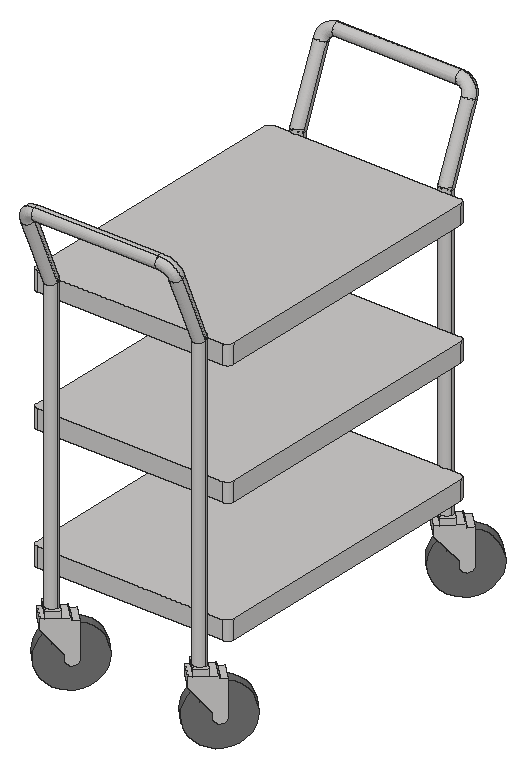
Revit family "QF_Vollrath_97105", category Specialty Equipment, Revit 2016
Family settings
  Part Type = Normal
  Round Connector Dimension = Use Diameter
  OmniClass Number = 23.40.40.14.17
  OmniClass Title = Food Cooking Equipment
  Work Plane-Based = No
  Always vertical = Yes
  Cut with Voids When Loaded = No
  Shared = No
  Room Calculation Point = No
Parameters (values of type "97105")
  Width [instance] = 16.00"
  Weight in Pounds = 36
  Watermarked By = "http://revitwatermark.com"
  URL Cutsheet = ""
  URL = ""
  Status [instance] = ""
  Specification by User [instance] = ""
  Specification by Manufacturer [instance] = ""
  Serial Number [instance] = ""
  Seismic Rating [instance] = ""
  Revision Code [instance] = ""
  NAFEM Spec ID Number [instance] = ""
  Model = "97105"
  Masterspec = ""
  Manufacturer = "Vollrath"
  Item Number [instance] = "-"
  Installed By [instance] = ""
  Identify Quantity as Lot [instance] = no
  Furnished By [instance] = ""
  Foodservice Equipment Identifier [instance] = yes
  Description = "Cart, Utility"
  Depth [instance] = 39.25"
  CSI MasterFormat = "11 48 13"
  Assembly Code = "E1090320"
Reference planes (in)
  plane 1 "BACK": y = -4.62
  plane 2: z = 0
  plane 3 "LEFT": x = 0
  plane 4 "RIGHT": x = 16
  plane 5 "FRONT": y = -36.12
  plane 6: x = 2
  plane 7: y = -5.62
  plane 8: x = 14
  plane 9: y = -35.12
  plane 10: y = -20.37
  plane 11 "TOP": z = 36.5
  plane 12: y = -8.37
  plane 13: y = -32.37
  plane 14: z = 7.96
  plane 15: z = 9.46
  plane 16: z = 17.96
  plane 17: z = 19.46
  plane 18: z = 27.96
  plane 19: z = 29.46
  plane 20: y = -7.87
  plane 21: y = -32.87
Forms (in)
  Extrusion 1, solid, material "QF_Finishes_Stainless Steel"
    sketch origin (0, 0, 16.75) x (-1, 0, 0) y (0, -1, 0)
      loop
        arc (-15.5, 32.37) -> (-15.85355, 32.22355) -> (-16, 31.87) r 0.5
        line (-16, 31.87) -> (-16, 8.87)
        arc (-16, 8.87) -> (-15.85355, 8.51645) -> (-15.5, 8.37) r 0.5
        line (-15.5, 8.37) -> (-0.5, 8.37)
        arc (-0.5, 8.37) -> (-0.14645, 8.51645) -> (0, 8.87) r 0.5
        line (0, 8.87) -> (0, 31.87)
        arc (0, 31.87) -> (-0.14645, 32.22355) -> (-0.5, 32.37) r 0.5
        line (-0.5, 32.37) -> (-15.5, 32.37)
    from -8.79 to -7.29
  Extrusion 2, solid, material "QF_Finishes_Stainless Steel"
    sketch origin (0, 0, 26.75) x (-1, 0, 0) y (0, -1, 0)
      loop
        arc (-15.5, 32.37) -> (-15.85355, 32.22355) -> (-16, 31.87) r 0.5
        line (-16, 31.87) -> (-16, 8.87)
        arc (-16, 8.87) -> (-15.85355, 8.51645) -> (-15.5, 8.37) r 0.5
        line (-15.5, 8.37) -> (-0.5, 8.37)
        arc (-0.5, 8.37) -> (-0.14645, 8.51645) -> (0, 8.87) r 0.5
        line (0, 8.87) -> (0, 31.87)
        arc (0, 31.87) -> (-0.14645, 32.22355) -> (-0.5, 32.37) r 0.5
        line (-0.5, 32.37) -> (-15.5, 32.37)
    from -8.79 to -7.29
  Extrusion 3, solid, material "QF_Finishes_Stainless Steel"
    sketch origin (0, 0, 36.75) x (-1, 0, 0) y (0, -1, 0)
      loop
        arc (-15.5, 32.37) -> (-15.85355, 32.22355) -> (-16, 31.87) r 0.5
        line (-16, 31.87) -> (-16, 8.87)
        arc (-16, 8.87) -> (-15.85355, 8.51645) -> (-15.5, 8.37) r 0.5
        line (-15.5, 8.37) -> (-0.5, 8.37)
        arc (-0.5, 8.37) -> (-0.14645, 8.51645) -> (0, 8.87) r 0.5
        line (0, 8.87) -> (0, 31.87)
        arc (0, 31.87) -> (-0.14645, 32.22355) -> (-0.5, 32.37) r 0.5
        line (-0.5, 32.37) -> (-15.5, 32.37)
    from -8.79 to -7.29
  Extrusion 4, solid, material "QF_Finishes_Stainless Steel"
    sketch origin (0, 0, 16.75) x (-1, 0, 0) y (0, -1, 0)
      loop
        circle (-2, 7.87) r 0.5
      loop
        circle (-14, 7.87) r 0.5
      loop
        circle (-14, 32.87) r 0.5
      loop
        circle (-2, 32.87) r 0.5
    from -13.30537 to 13
  Sweep 5, solid, material "QF_Finishes_Stainless Steel"
    path origin (0, -21.32619, 2.39048) x (1, 0, 0) y (0, -0.390731, 0.920505)
      loop
        line (2, 29.46) -> (2, 35.5)
        arc (2, 35.5) -> (2.29289, 36.20711) -> (3, 36.5) r 1
        line (3, 36.5) -> (13, 36.5)
        arc (13, 36.5) -> (13.70711, 36.20711) -> (14, 35.5) r 1
        line (14, 35.5) -> (14, 29.46)
    profile origin (2, -34.01714, 32.28848) x (-1, 0, 0) y (0, -0.920505, -0.390731)
      loop
        circle (0, 0) r 0.5
  Sweep 6, solid, material "QF_Finishes_Stainless Steel"
    path origin (0, -19.41381, 2.39048) x (1, 0, 0) y (0, -0.390731, -0.920505)
      loop
        line (2, -29.46) -> (2, -35.5)
        arc (2, -35.5) -> (2.29289, -36.20711) -> (3, -36.5) r 1
        line (3, -36.5) -> (13, -36.5)
        arc (13, -36.5) -> (13.70711, -36.20711) -> (14, -35.5) r 1
        line (14, -35.5) -> (14, -29.46)
    profile origin (2, -6.72286, 32.28848) x (1, 0, 0) y (0, 0.920505, -0.390731)
      loop
        circle (0, 0) r 0.5
Lines and regions (in)
  symbolic lines
    curve 1: line (15.5, -8.37, 16.75) -> (0.5, -8.37, 16.75)
    curve 2: line (0.5, -32.37, 16.75) -> (15.5, -32.37, 16.75)
    curve 3: line (16, -31.87, 16.75) -> (16, -8.87, 16.75)
    curve 4: line (0, -8.87, 16.75) -> (0, -31.87, 16.75)
    curve 5: arc (0, -31.87, 16.75) -> (0.14645, -32.22355, 16.75) -> (0.5, -32.37, 16.75) r 0.5
    curve 6: arc (15.5, -32.37, 16.75) -> (15.85355, -32.22355, 16.75) -> (16, -31.87, 16.75) r 0.5
    curve 7: arc (0.5, -8.37, 16.75) -> (0.14645, -8.51645, 16.75) -> (0, -8.87, 16.75) r 0.5
    curve 8: arc (16, -8.87, 16.75) -> (15.85355, -8.51645, 16.75) -> (15.5, -8.37, 16.75) r 0.5
    curve 9: line (1.5, -32.37, 16.75) -> (1.5, -35.37, 16.75)
    curve 10: arc (1.5, -35.37, 16.75) -> (2.01114, -36.00573, 16.75) -> (2.81883, -36.12, 16.75) r 1.10926
    curve 11: line (2.81883, -36.12, 16.75) -> (13.31883, -36.12, 16.75)
    curve 12: arc (13.31883, -36.12, 16.75) -> (14.19383, -35.75756, 16.75) -> (14.55627, -34.88256, 16.75) r 1.23744
    curve 13: line (14.55627, -34.88256, 16.75) -> (14.55627, -32.37, 16.75)
    curve 14: line (2.5, -32.37, 16.75) -> (2.5, -35.12, 16.75)
    curve 15: line (2.5, -35.12, 16.75) -> (13.5, -35.12, 16.75)
    curve 16: line (13.5, -35.12, 16.75) -> (13.5, -32.37, 16.75)
    curve 17: line (1.5, -8.37, 16.75) -> (1.5, -5.37, 16.75)
    curve 18: arc (1.5, -5.37, 16.75) -> (2.01114, -4.73427, 16.75) -> (2.81883, -4.62, 16.75) r 1.10926
    curve 19: line (2.81883, -4.62, 16.75) -> (13.31883, -4.62, 16.75)
    curve 20: arc (13.31883, -4.62, 16.75) -> (14.19383, -4.98244, 16.75) -> (14.55627, -5.85744, 16.75) r 1.23744
    curve 21: line (14.55627, -5.85744, 16.75) -> (14.55627, -8.37, 16.75)
    curve 22: line (2.5, -8.37, 16.75) -> (2.5, -5.62, 16.75)
    curve 23: line (2.5, -5.62, 16.75) -> (13.5, -5.62, 16.75)
    curve 24: line (13.5, -5.62, 16.75) -> (13.5, -8.37, 16.75)
Dimensions and locks (in)
  "Width": plane 3 "LEFT" to plane 4 "RIGHT"
  plane 7 to plane 1 "BACK" = 1.00"
  locked: plane 5 "FRONT" to plane 9 at 1
  plane 3 "LEFT" to plane 6 = 2.00"
  locked: plane 8 to plane 4 "RIGHT" at 2
  plane 5 "FRONT" to plane 1 "BACK" = 31.50"
  plane 11 "TOP" to level = 36.50"
  equal spacing: plane 1 "BACK", plane 10, plane 5 "FRONT"
  locked: plane 15 to plane 14 at 1.5
  plane 14 to level = 7.96"
  aligned and locked: level to plane 2
  aligned and locked: plane 15 to Extrusion 1
  aligned and locked: Extrusion 1 to plane 14
Automatic sketch dimensions
  Extrusion 1 sketch curve to plane 4 "RIGHT" = 0.00"
  plane 12 to Extrusion 1 sketch curve = 0.00"
  plane 13 to Extrusion 1 sketch curve = 0.00"
  Extrusion 1 sketch curve to plane 3 "LEFT" = 0.00"
  Extrusion 1 sketch curve to Extrusion 1 sketch curve = 0.50"
  Extrusion 1 sketch curve to plane 4 "RIGHT" = 0.50"
  plane 3 "LEFT" to Extrusion 1 sketch curve = 0.50"  (x2)
  Extrusion 2 sketch curve to plane 4 "RIGHT" = 0.00"
  plane 12 to Extrusion 2 sketch curve = 0.00"
  plane 13 to Extrusion 2 sketch curve = 0.00"
  Extrusion 2 sketch curve to plane 3 "LEFT" = 0.00"
  Extrusion 2 sketch curve to Extrusion 2 sketch curve = 0.50"
  Extrusion 2 sketch curve to plane 4 "RIGHT" = 0.50"
  plane 3 "LEFT" to Extrusion 2 sketch curve = 0.50"  (x2)
  Extrusion 3 sketch curve to plane 4 "RIGHT" = 0.00"
  plane 12 to Extrusion 3 sketch curve = 0.00"
  plane 13 to Extrusion 3 sketch curve = 0.00"
  Extrusion 3 sketch curve to plane 3 "LEFT" = 0.00"
  Extrusion 3 sketch curve to Extrusion 3 sketch curve = 0.50"
  Extrusion 3 sketch curve to plane 4 "RIGHT" = 0.50"
  plane 3 "LEFT" to Extrusion 3 sketch curve = 0.50"  (x2)
  Extrusion 4 sketch curve to plane 8 = 0.00"  (x2)
  Extrusion 4 sketch curve to plane 6 = 0.00"  (x2)
  plane 20 to Extrusion 4 sketch curve = 0.00"  (x2)
  plane 21 to Extrusion 4 sketch curve = 0.00"  (x2)
  Sweep 5 sketch curve to plane 6 = 0.00"
  Sweep 5 sketch curve to plane 8 = 0.00"
  plane 6 to Sweep 5 sketch curve = 1.00"
  Sweep 5 sketch curve to plane 8 = 1.00"
  Sweep 5 sketch curve to Sweep 5 sketch curve = 0.00"
  Sweep 5 sketch curve to Sweep 5 sketch curve = 6.04"
  Sweep 5 sketch curve to profile plane = 0.00"
  profile plane to Sweep 5 sketch curve = 0.00"
  Sweep 6 sketch curve to plane 6 = 0.00"
  Sweep 6 sketch curve to plane 8 = 0.00"
  plane 6 to Sweep 6 sketch curve = 1.00"
  Sweep 6 sketch curve to plane 8 = 1.00"
  Sweep 6 sketch curve to Sweep 6 sketch curve = 6.04"  (x2)
  Sweep 6 sketch curve to profile plane = 0.00"  (x2)
  curve 3 to plane 4 "RIGHT" = 0.00"
  plane 13 to curve 2 = 0.00"
  plane 12 to curve 8 = 0.00"
  plane 7 to curve 23 = 0.00"
  plane 9 to curve 16 = 0.00"
  plane 5 "FRONT" to curve 12 = 0.00"
  plane 1 "BACK" to curve 20 = 0.00"
  curve 4 to plane 3 "LEFT" = 0.00"
  curve 2 to plane 4 "RIGHT" = 0.50"
  curve 8 to plane 4 "RIGHT" = 0.50"
  plane 7 to curve 20 = 0.23744"
  plane 8 to curve 20 = 0.55627"
  curve 12 to plane 9 = 0.23744"
  plane 8 to curve 12 = 0.55627"
  curve 16 to plane 8 = 0.50"
  curve 23 to curve 20 = 0.18117"
  plane 6 to curve 10 = 0.81883"
  plane 6 to curve 19 = 0.81883"
  plane 7 to curve 18 = 0.07852"
  plane 6 to curve 18 = 0.55949"
  curve 10 to plane 9 = 0.07852"
  plane 6 to curve 10 = 0.55949"
  curve 18 to curve 23 = 0.05949"
  plane 6 to curve 14 = 0.50"
  curve 22 to curve 17 = 1.00"
  plane 9 to curve 10 = 0.25"
  plane 3 "LEFT" to curve 7 = 0.50"
  curve 5 to curve 5 = 0.50"
  radius of Extrusion 4 sketch curve = 0.50"  (x4)
  radius of Sweep 5 sketch curve = 0.50"
  radius of Sweep 6 sketch curve = 0.50"
Nested families (in)
  nested 1: "FESCaster" at (2, -7.87, 0), type "FESCaster"
    with Height 6.00", Caster Radius 2.50"
  nested 2: "FESCaster" at (14, -7.87, 0), type "FESCaster"
    with Height 6.00", Caster Radius 2.50"
  nested 3: "FESCaster" at (2, -32.87, 0), type "FESCaster"
    with Height 6.00", Caster Radius 2.50"
  nested 4: "FESCaster" at (14, -32.87, 0), type "FESCaster"
    with Height 6.00", Caster Radius 2.50"
Definition of nested family "FESCaster"
  Parameters
    Watermarked By = "http://revitwatermark.com"
    Type Comments = "⍁⍉⌁⌀⏭⎽⌇⍠⌜⍉⎖⌥⌦⌯⍭⏊⍻⍿⍊⏵⍊⏗⏠⍴⎡⌈⎀⍠⌓⌤⏘⎐⍀⌐⏬⏁⎈⏍⏦⎒⏬⌝⍩⍇⌣〈⎫〉⎁⏊⍥⍖⍥⍝⍦⌖⍀⏌⏭⎝⎼⏷⏞⍻⏯⎽⏷⏞⍻⏯⎽⏷⎺⌻⎝⍎⌧⏷⏟⏿⌿⍜⍦⍤⌁⍬⏶⏎⍊⏚⏉⎞⌡⎀⎪⏈⌟⌿⍾⍼⌟⌿⌢⌞⏞⏝⌻⎸⎻⎷⎳⎻⎛⌞⌼⏚⍿⏸⍨⏷⍡⍺⏼⏅⎏⌽⌻⍽⎝⍮⎧⍏⏳⏲⎼⏈⏋⏙⎏⏽⏘⍹⏞⌜⏼⍴⏶⏮⏿⌁"
    Height [instance] = 6.00"
    Caster Radius [instance] = if(Height < 3.00", 1.00", (Height / 2) - 0.50")  # 2.50"
    Assembly Code = ""
  Reference planes (in)
    plane 1 "Center (Front/Back)": y = 0
    plane 2: z = 0
    plane 3 "Center (Left/Right)": x = 0
    plane 4: z = 6
    plane 5: z = 5.5
  Forms (in)
    Extrusion 1, solid
      sketch origin (-24.12131, -22.88887, 10.18833) x (0.707107, 0.707107, 0) y (0, 0, 1)
        loop
          line (34.98772, -7.68833) -> (34.98772, -4.93833) -> (34.48772, -4.93833) -> (34.39402, -4.68833) -> (32.39402, -4.68833) -> (32.39402, -5.43833) -> (33.98772, -7.34206) -> (33.98772, -7.68833)
          arc (33.98772, -7.68833) -> (34.48772, -8.18833) -> (34.98772, -7.68833) r 0.5
      from 0 to 1.75
    Extrusion 2, solid
      sketch origin (-24.32327, -23.09083, 13.31461) x (0.707107, 0.707107, 0) y (0, 0, 1)
        loop
          circle (34.77334, -10.81461) r 2.5
      from 0.375 to 1.375
    Extrusion 3, solid
      sketch origin (-7.24148, -8.48391, 0) x (0.707107, 0.707107, 0) y (0, 0, 1)
        loop
          line (10.61603, 5.5) -> (11.61603, 5.5) -> (11.61603, 6) -> (10.61603, 6) -> (10.61603, 5.5)
      from 0 to -1.75
  Lines and regions (in)
    symbolic lines
      curve 1: line (-1.26158, -0.51911, 0) -> (1.39007, 2.13254, 0)
      curve 2: line (-0.53429, -1.24639, 0) -> (2.11736, 1.40526, 0)
      curve 3: line (-1.26158, -0.51911, 0) -> (1.39007, 2.13254, 0)
      curve 4: line (-0.53429, -1.24639, 0) -> (2.11736, 1.40526, 0)
  Dimensions and locks (in)
    locked: plane 4 to plane 5 at 0.5
    "Height": plane 4 to level
    "Caster Radius": Extrusion 2 sketch curve to level
    "Caster Radius": Extrusion 1 sketch curve to level
    "Caster Radius": radius of Extrusion 2 sketch curve
    aligned and locked: plane 2 to level
    aligned and locked: Extrusion 3 to plane 5
    aligned and locked: plane 4 to Extrusion 3
    aligned and locked: plane 5 to Extrusion 1
  Automatic sketch dimensions
    plane 1 "Center (Front/Back)" to curve 3 = 0.51911"
    curve 3 to plane 3 "Center (Left/Right)" = 1.26158"
    plane 1 "Center (Front/Back)" to curve 1 = 0.51911"
    curve 1 to curve 3 = 0.00"  (x3)
    curve 4 to plane 3 "Center (Left/Right)" = 0.53429"
    curve 2 to curve 4 = 0.00"  (x2)
    plane 3 "Center (Left/Right)" to curve 3 = 1.39007"
    curve 1 to curve 4 = 0.72729"
    curve 2 to curve 1 = 0.72729"
    curve 4 to curve 2 = 0.00"  (x2)
    curve 2 to plane 1 "Center (Front/Back)" = 1.40526"
    curve 2 to curve 3 = 0.72729"
    plane 5 to Extrusion 1 sketch curve = 0.00"
    Extrusion 1 sketch curve to Extrusion 1 sketch curve = 1.5937"
    Extrusion 1 sketch curve to Extrusion 1 sketch curve = 2.00"
    Extrusion 1 sketch curve to Extrusion 1 sketch curve = 0.0937"
    Extrusion 1 sketch curve to Extrusion 1 sketch curve = 0.50"
    Extrusion 1 sketch curve to Extrusion 1 sketch curve = 0.34627"
    Extrusion 1 sketch curve to plane 5 = 0.75"
    Extrusion 1 sketch curve to plane 5 = 0.25"
    Extrusion 3 sketch curve to plane 5 = 0.00"
    plane 4 to Extrusion 3 sketch curve = 0.00"
    Extrusion 3 sketch curve to Extrusion 3 sketch curve = 1.00"
